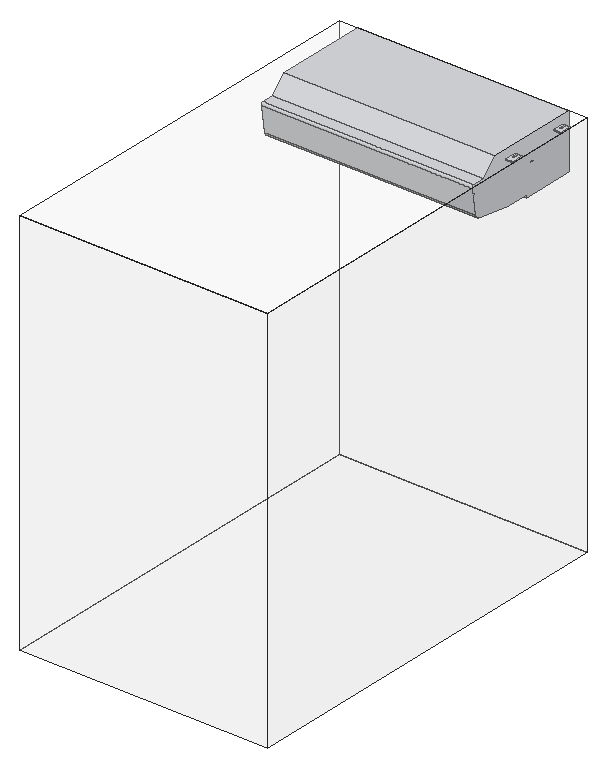
Revit family "pczg-p2_5mha14_60Hz", category 機械設備, Revit 2019
Family settings
  丸型コネクタ寸法 = 直径を使用
  パーツ タイプ = 標準
  OmniClass 番号 = 23.75.10.24.21.27.27
  OmniClass タイトル = Split System Air Conditioning Units
  作業面ベース = いいえ
  常に垂直 = はい
  ロード時にボイドで切り取り = いいえ
  共有 = いいえ
  部屋計算ポイント = はい
Parameters (values of type "厨房天吊_PCZG-P2MHA14")
  風量_強 (m3/min) = 17
  風量_弱 (m3/min) = 15
  風量 = MAX風量  # 1020.0 m³/h
  音響パワーレベル（弱）(dB) = 55
  音響パワーレベル(dB) = 57
  電源種別 = ""
  電源_H = 0 mm
  電圧_電気ヒーター = 0 V
  電圧 = 200 V
  電動機出力_送風機 = 0.04 kW
  運転質量 = 0.00 kg
  連動 = ""
  質量 = if(製品質量 > 運転質量, 製品質量, 運転質量) * 1.2  # 50.40 kg
  負荷分類 = 3_ファン類
  構成品番 = "PCZG-P2MHA14"
  冷媒液管位置 = 171 mm
  冷媒ガス管位置 = 195 mm
  ドレン管径 (外径) = 32 mm
  MIN風量 = [風量_弱 (m3/min)] * 60.0 m³/h  # 900.0 m³/h
  MAX風量 = [風量_強 (m3/min)] * 60.0 m³/h  # 1020.0 m³/h
  サービススペース = yes
  ケーブルサイズ = 0 mm
  Version = ""
  URL = "https://www.mitsubishielectric.co.jp/ldg/wink/ssl/displayProduct.do?pid=323635"
  Line = not(Width = 1136 mm)  # no
  説明 = "店舗・事務所用パッケージエアコン(Mr.SLIM) 厨房用(天吊形)"
  設計暖房能力 = 0.00 kW
  設計冷房能力_顕熱 = 0 kW
  設計冷房能力 = 0 kW
  設置方法 = "天井吊形"
  記号 = ""
  製造元 = "三菱電機株式会社"
  製品質量 = 42.00 kg
  製品出荷対象 = "国内"
  製品リリース年月 = "2022/10/11"
  製品グループ = ""
  系統 = ""
  符号 = "PAC_CRK"
  積算_科目 = "1 空気調和設備"
  積算_拾い区分 [instance] = ""
  相 = 1
  盤記号 = ""
  発停方法 = "付属スイッチ"
  特殊仕様 = ""
  火災停止 = ""
  消費電力_電気ヒーター = 0.00 kW
  消費電力_暖房 = 0.14 kW
  消費電力_加湿器 = 0.00 kW
  消費電力_冷房 = 0.14 kW
  消費電力 = if(消費電力_冷房 > 消費電力_暖房, 消費電力_冷房, 消費電力_暖房) + 消費電力_加湿器 + 消費電力_電気ヒーター  # 0.14 kW
  法定耐用年数 = "6"
  極数 = 1
  材質 = ""
  本体マテリアル = none
  有効加湿量 = 0
  暖房能力 = 5.60 kW
  推奨ブレーカー容量 = 0 A
  形式_加湿器 = ""
  形式 = "厨房用天井吊（露出）形"
  幹線記号 = ""
  始動方式 = "直入"
  呼称 = "室内機_厨房用天井吊（露出）形"
  周波数 = 60 Hz
  吊り位置Y = 320 mm
  吊り位置X = 1180 mm
  吊りボルト_H = 43 mm
  台数_手元リモコン = ""
  台数_冷媒分岐ユニット = ""
  参照している仕様書等のバージョン = "公共建築工事標準仕様書（機械設備工事編）平成31年度版"
  加湿給水管径 = 0.00 mm
  分類コード = "50053003123100"
  分類グループ = ""
  冷房能力 = 4.9 kW
  冷媒高低圧ガス管径 = 0.00 mm
  冷媒管径符号 = "Ac"
  冷媒管径 = 100.00 mm
  冷媒液管高さ = 165 mm
  冷媒液管径 = 6.35 mm
  冷媒ガス管高さ = 165 mm
  冷媒ガス管径 = 12.70 mm
  企業コード = "108420"
  付属品_フィルター = ""
  付属品 = ""
  仕様書バージョン = "Version1.0"
  Model = ""
  パネルマテリアル = none
  ドレン管高さ = 254 mm
  ドレン管径 = 25.00 mm
  コメント [instance] = ""
  ケーブル種類 = ""
  Width = 1136 mm
  Uniclass2015Version = "Systems v1.9"
  Uniclass2015Title = "Split coil remote air cooled condensing units"
  Uniclass2015Code = "Pr_70_65_03_84"
  SpecificationReference = ""
  SpecificationDescription = ""
  S_H = 295 mm
  Revision = ""
  ProductInformation = ""
  OmniClassCode = "23-33 17 13 11"
  IfcTypeProduct = ""
  IfcProduct = ""
  IfcExportType = "AIRCONDITIONINGUNIT"
  IfcExportAs = "IfcUnitaryEquipmentType"
  Height = 280 mm
  Depth = 650 mm
  価格 = 276000
  Clearance Top = 2 mm
  Clearance Right = 100 mm
  Clearance Left = 100 mm
  Clearance Front = 1500 mm
  Clearance Bottom = 1800 mm
  Clearance Back = 0 mm
  Author = "三菱電機株式会社"
Types (4, lengths in mm): name | 風量_強 (m3/min) | 風量_弱 (m3/min) | 風量 | 音響パワーレベル（弱）(dB) | 音響パワーレベル(dB) | 電動機出力_送風機 | 質量 | 構成品番 | 冷媒液管位置 | 冷媒ガス管位置 | MIN風量 | MAX風量 | URL | Line | 製品質量 | 消費電力_暖房 | 消費電力_冷房 | 消費電力 | 暖房能力 | 吊り位置X | 冷房能力 | 冷媒管径符号 | 冷媒液管径 | 冷媒ガス管径 | Width | 価格
  厨房天吊_PCZG-P2MHA14 | 17 | 15 | 1020.0 m³/h | 55 | 57 | 0.04 kW | 50.40 kg | "PCZG-P2MHA14" | 171 | 195 | 900.0 m³/h | 1020.0 m³/h | "https://www.mitsubishielectric.co.jp/ldg/wink/ssl/displayProduct.do?pid=323635" | no | 42.00 kg | 0.14 kW | 0.14 kW | 0.14 kW | 5.60 kW | 1180 | 4.9 kW | "Ac" | 6.35 | 12.70 | 1136 | 276000
  厨房天吊_PCZG-P3MHA14 | 38 | 30 | 2280.0 m³/h | 62 | 68 | 0.16 kW | 67.20 kg | "PCZG-P3MHA14" | 175 | 197 | 1800.0 m³/h | 2280.0 m³/h | "https://www.mitsubishielectric.co.jp/ldg/wink/ssl/displayProduct.do?pid=323521" | yes | 56.00 kg | 0.34 kW | 0.34 kW | 0.34 kW | 9.00 kW | 1564 | 8 kW | "Bd" | 9.52 | 15.88 | 1520 | 317000
  厨房天吊_PCZG-P4MHA14 | 38 | 30 | 2280.0 m³/h | 62 | 68 | 0.16 kW | 67.20 kg | "PCZG-P4MHA14" | 175 | 197 | 1800.0 m³/h | 2280.0 m³/h | "https://www.mitsubishielectric.co.jp/ldg/wink/ssl/displayProduct.do?pid=323492" | yes | 56.00 kg | 0.34 kW | 0.34 kW | 0.34 kW | 11.20 kW | 1564 | 10 kW | "Bd" | 9.52 | 15.88 | 1520 | 393000
  厨房天吊_PCZG-P5MHA14 | 38 | 30 | 2280.0 m³/h | 62 | 68 | 0.16 kW | 69.60 kg | "PCZG-P5MHA14" | 175 | 197 | 1800.0 m³/h | 2280.0 m³/h | "https://www.mitsubishielectric.co.jp/ldg/wink/ssl/displayProduct.do?pid=323493" | yes | 58.00 kg | 0.35 kW | 0.35 kW | 0.35 kW | 14.00 kW | 1564 | 11.1 kW | "Bd" | 9.52 | 15.88 | 1520 | 436000
Reference planes
  plane 1 "中心(正面/背面)": y = 0
  plane 2: z = 0
  plane 3 "中心(左/右)": x = 0
  plane 4: x = 523
  plane 5: z = 3835
  plane 6: x = 438
  plane 7: z = 3835
  plane 8: x = 463
  plane 9: z = 3746
  plane 10: x = 668
  plane 11: x = 568
  plane 12: x = -668
  plane 13: x = -568
  plane 14: y = -650
  plane 15: z = -280
  plane 16: y = -2150
  plane 17: x = -590
  plane 18: x = 590
  plane 19: z = -2095
  plane 20: z = -295
  plane 21: x = 558.3
  plane 22: y = -80
  plane 23: y = -400
  plane 24: y = -323
  plane 25: y = -195
  plane 26: y = -171
  plane 27: y = -70
  plane 28: z = -43
  plane 29: z = -165
  plane 30: z = -254
  plane 31: x = 523
  plane 32: x = 438
  plane 33: x = 463
  plane 34: x = 463
  plane 35: z = 3746
  plane 36: z = 2
  plane 37: z = -95
  plane 38: z = -165
Forms (mm)
  Extrusion 1, solid
    sketch origin (0, -325, -4000) x (0, 1, 0) y (0, 0, 1)
      loop
        line (325, 4000) -> (-171.734, 4000) -> (-246.938, 3924.796) -> (-313.202, 3924.796)
        arc (-313.202, 3924.796) -> (-322.395, 3920.509) -> (-325.02, 3910.712) r 12
        line (-325.02, 3910.712) -> (-299.97, 3768.648)
        arc (-299.97, 3768.648) -> (-294.972, 3759.046) -> (-285.369, 3754.047) r 18
        line (-285.369, 3754.047) -> (-92.277, 3720) -> (37.069, 3720) -> (37.069, 3705) -> (325, 3705) -> (325, 4000)
    from -568 to 568
  Extrusion 2, solid, detail levels fine
    sketch origin (0, 0, 0) x (0, 0, -1) y (-1, 0, 0)
      loop
        circle (165.005, -523) r 6.35
    from -325 to -197
  Extrusion 3, solid, detail levels fine
    sketch origin (0, 0, 0) x (0, 0, -1) y (-1, 0, 0)
      loop
        circle (165.005, -438) r 3.175
    from -175 to -325
  Extrusion 4, solid, detail levels fine
    sketch origin (0, 0, 0) x (0, 0, -1) y (-1, 0, 0)
      loop
        circle (254.005, -463) r 16
    from -70 to -325
  Extrusion 5, solid, detail levels fine
    sketch origin (0, 0, -4000) x (1, 0, 0) y (0, 1, 0)
      loop
        line (568, -370) -> (568, -430) -> (612, -430) -> (612, -370) -> (595, -370) -> (595, -400)
        arc (595, -400) -> (590, -405) -> (585, -400) r 5
        line (585, -400) -> (585, -370) -> (568, -370)
    from 3954.5 to 3959.5
  Extrusion 6, solid, detail levels fine
    sketch origin (0, 320, -4000) x (1, 0, 0) y (0, 1, 0)
      loop
        line (568, -370) -> (568, -430) -> (612, -430) -> (612, -370) -> (595, -370) -> (595, -400)
        arc (595, -400) -> (590, -405) -> (585, -400) r 5
        line (585, -400) -> (585, -370) -> (568, -370)
    from 3954.5 to 3959.5
  Extrusion 7, solid, detail levels fine
    sketch origin (-1180, 0, -4000) x (1, 0, 0) y (0, 1, 0)
      loop
        line (568, -370) -> (568, -430) -> (612, -430) -> (612, -370) -> (595, -370) -> (595, -400)
        arc (595, -400) -> (590, -405) -> (585, -400) r 5
        line (585, -400) -> (585, -370) -> (568, -370)
    from 3954.5 to 3959.5
  Extrusion 8, solid, detail levels fine
    sketch origin (-1180, 320, -4000) x (1, 0, 0) y (0, 1, 0)
      loop
        line (568, -370) -> (568, -430) -> (612, -430) -> (612, -370) -> (595, -370) -> (595, -400)
        arc (595, -400) -> (590, -405) -> (585, -400) r 5
        line (585, -400) -> (585, -370) -> (568, -370)
    from 3954.5 to 3959.5
  Extrusion 9, solid, detail levels fine
    sketch origin (-3.482, 0, 0) x (1, 0, 0) y (0, 0, 1)
      loop
        circle (483.982, -165) r 50
    from 0 to 5
  Extrusion 10, solid, detail levels fine
    sketch origin (0, 160, 0) x (0, 0, -1) y (-1, 0, 0)
      loop
        circle (254.005, -463) r 16
    from -160 to -165
Lines and regions (mm)
  model lines, detail levels fine
    curve 1: line (-493, -647.647, -102.744) -> (-493, -628.546, -211.073)
    curve 2: line (493, -647.647, -102.744) -> (493, -628.546, -211.073)
    curve 3: line (-493, -647.647, -102.744) -> (493, -647.647, -102.744)
    curve 4: line (493, -628.546, -211.073) -> (-493, -628.546, -211.073)
Dimensions and locks
  equal spacing: plane 13, plane 3 "中心(左/右)", plane 11
  "Width": plane 13 to plane 11
  "Clearance Right": plane 11 to plane 10
  "Clearance Left": plane 12 to plane 13
  "Depth": plane 14 to plane 1 "中心(正面/背面)"
  "Height": level to plane 15
  "Clearance Front": plane 16 to plane 14
  equal spacing: plane 17, plane 3 "中心(左/右)", plane 18
  "吊り位置X": plane 17 to plane 18
  "S_H": level to plane 20
  locked: plane 21 to plane 11 at 9.7
  locked: plane 22 to plane 1 "中心(正面/背面)" at 80
  "吊り位置Y": plane 22 to plane 23
  plane 27 to plane 1 "中心(正面/背面)" = 70 mm
  "冷媒液管位置": plane 26 to plane 1 "中心(正面/背面)"  (x2)
  "冷媒ガス管位置": plane 25 to plane 1 "中心(正面/背面)"  (x2)
  plane 24 to plane 25 = 128 mm
  plane 24 to plane 26 = 152 mm
  "Clearance Bottom": plane 20 to plane 19
  "吊りボルト_H": level to plane 28
  level to plane 29 = 165 mm
  level to plane 30 = 254 mm
  plane 31 to plane 11 = 45 mm
  plane 32 to plane 31 = 85 mm
  plane 33 to plane 11 = 105 mm
  "Clearance Back": plane 1 "中心(正面/背面)" to nested 1
  equal spacing: plane 32, Extrusion 9 sketch curve, plane 31
  "Clearance Top": plane 36 to plane 2
  "冷媒ガス管高さ": plane 2 to plane 29
  "冷媒液管高さ": Extrusion 1 to plane 38
  "冷媒液管径": diameter of Extrusion 3 sketch curve
  "冷媒ガス管径": diameter of Extrusion 2 sketch curve
  "ドレン管径 (外径)": diameter of Extrusion 4 sketch curve
  "ドレン管径 (外径)": diameter of Extrusion 10 sketch curve
  aligned and locked: level to plane 2
  aligned and locked: plane 11 to Extrusion 1
  aligned and locked: plane 13 to Extrusion 1
  aligned and locked: plane 12 to nested 1
  aligned and locked: nested 1 to plane 10
  aligned and locked: plane 17 to nested 2
  aligned and locked: nested 2 to plane 18
  aligned and locked: plane 20 to Extrusion 1
  aligned and locked: plane 19 to nested 1
  aligned and locked: plane 21 to nested 3
  aligned and locked: nested 1 to plane 16
  aligned and locked: plane 22 to nested 2
  aligned and locked: plane 23 to nested 2
  aligned and locked: plane 1 "中心(正面/背面)" to nested 1
  aligned and locked: plane 36 to nested 1
Automatic sketch dimensions
  Extrusion 1 sketch curve to level = 0 mm
  Extrusion 1 sketch curve to plane 15 = 0 mm
  Extrusion 1 sketch curve to plane 20 = 0 mm
  Extrusion 1 sketch curve to plane 1 "中心(正面/背面)" = 0 mm
  plane 24 to Extrusion 1 sketch curve = 35.069 mm
  Extrusion 1 sketch curve to plane 23 = 17.277 mm
  Extrusion 1 sketch curve to plane 23 = 96.734 mm
  Extrusion 1 sketch curve to plane 28 = 32.204 mm
  plane 14 to Extrusion 1 sketch curve = 78.062 mm
  plane 14 to Extrusion 1 sketch curve = 42.756 mm
  plane 30 to Extrusion 1 sketch curve = 8.047 mm
  Extrusion 1 sketch curve to Extrusion 1 sketch curve = 3.126 mm
  Extrusion 1 sketch curve to Extrusion 1 sketch curve = 17.727 mm
  plane 14 to Extrusion 1 sketch curve = 11.798 mm
  Extrusion 1 sketch curve to plane 14 = 0.02 mm
  Extrusion 1 sketch curve to Extrusion 1 sketch curve = 14.601 mm
  Extrusion 1 sketch curve to Extrusion 1 sketch curve = 14.084 mm
  Extrusion 1 to curve 3 = 13.664 mm
  curve 2 to Extrusion 1 = 20.591 mm
  Extrusion 1 to curve 1 = 75 mm
  Extrusion 1 to curve 3 = 75 mm
  Extrusion 5 sketch curve to plane 11 = 0 mm
  Extrusion 5 sketch curve to plane 23 = 0 mm
  Extrusion 5 sketch curve to plane 18 = 0 mm
  Extrusion 5 sketch curve to Extrusion 5 sketch curve = 5 mm
  Extrusion 5 sketch curve to plane 18 = 22 mm
  Extrusion 5 sketch curve to plane 23 = 30 mm
  plane 23 to Extrusion 5 sketch curve = 30 mm
  Extrusion 5 sketch curve to Extrusion 5 sketch curve = 0 mm
  Extrusion 6 sketch curve to plane 11 = 0 mm
  Extrusion 6 sketch curve to plane 22 = 0 mm
  Extrusion 6 sketch curve to plane 18 = 0 mm
  Extrusion 6 sketch curve to Extrusion 6 sketch curve = 5 mm
  Extrusion 6 sketch curve to plane 18 = 22 mm
  Extrusion 6 sketch curve to plane 22 = 30 mm
  plane 27 to Extrusion 6 sketch curve = 20 mm
  Extrusion 6 sketch curve to Extrusion 6 sketch curve = 0 mm
  Extrusion 7 sketch curve to plane 23 = 0 mm
  Extrusion 7 sketch curve to plane 17 = 0 mm
  Extrusion 7 sketch curve to plane 13 = 0 mm
  Extrusion 7 sketch curve to plane 17 = 5 mm
  Extrusion 7 sketch curve to plane 17 = 22 mm
  Extrusion 7 sketch curve to plane 23 = 30 mm
  plane 23 to Extrusion 7 sketch curve = 30 mm
  Extrusion 7 sketch curve to Extrusion 7 sketch curve = 0 mm
  Extrusion 8 sketch curve to plane 22 = 0 mm
  Extrusion 8 sketch curve to plane 17 = 0 mm
  Extrusion 8 sketch curve to plane 13 = 0 mm
  Extrusion 8 sketch curve to plane 17 = 5 mm
  Extrusion 8 sketch curve to plane 17 = 22 mm
  Extrusion 8 sketch curve to plane 22 = 30 mm
  plane 27 to Extrusion 8 sketch curve = 20 mm
  Extrusion 8 sketch curve to Extrusion 8 sketch curve = 0 mm
  Extrusion 9 sketch curve to plane 29 = 0 mm
  Extrusion 1 to Extrusion 2 sketch curve = 45 mm
  Extrusion 2 sketch curve to Extrusion 1 = 129.995 mm
  Extrusion 3 sketch curve to Extrusion 1 = 129.995 mm
  Extrusion 1 to Extrusion 3 sketch curve = 130 mm
  Extrusion 4 sketch curve to Extrusion 1 = 40.995 mm
  Extrusion 1 to Extrusion 4 sketch curve = 105 mm
  plane 33 to Extrusion 10 sketch curve = 0 mm
  Extrusion 10 sketch curve to plane 30 = 0.005 mm
  radius of Extrusion 9 sketch curve = 50 mm
Nested families
  nested 1: "サービススペース" at (0, -1075, -1046.5), visible <- "サービススペース", type "サービススペース"
    with Width 1336 mm, Height 2097 mm, Depth 2150 mm
  nested 2: "固定点" at (-590, -400, 0), type "固定点"
    with W 1180 mm, D 320 mm
  nested 3: "吸込口" at (-192, 0, -4000), Width <- "Width", type "吸込口"
    with Width 1136 mm, Line-2 yes, Line no
Connectors
  piping at (480.5, 0, -165), diameter 100, driven by "冷媒管径", driven by "冷媒管径符号"
    settings: on Extrusion 9, index 1, connector inside diameter 609.60 mm, connector length 0 mm, flow factor 0, pipe flow 0.0 L/s, pressure drop 0.0 Pa, fitting loss kfactor 0, connector angle 0.00°, fixture units 0, engagement length 0 mm, angle of deflection 0.00°, flow configuration 1, flow direction 1, fitting loss method 4, system type 7, joint type 0, gender type 0, connector reference index -1, connector utility 0, adjustable connector no, is connector primary yes, connector description "Ac"
  piping at (463, 0, -254.005), diameter 32, driven by "ドレン管径 (外径)"
    settings: on Extrusion 10, index 2, connector inside diameter 609.60 mm, connector length 0 mm, flow factor 0, pipe flow 0.0 L/s, pressure drop 0.0 Pa, fitting loss kfactor 0, connector angle 0.00°, fixture units 0, engagement length 0 mm, angle of deflection 0.00°, flow configuration 1, flow direction 2, fitting loss method 4, system type 16, joint type 0, gender type 0, connector reference index -1, connector utility 0, adjustable connector no, is connector primary no, connector description ""
  electrical at (568, -416.852, -169.727), driven by "極数", driven by "負荷分類", driven by "電圧", driven by "消費電力"
    settings: on Extrusion 1, index 3, voltage 200 V, apparent load 140 VA, apparent load phase1 0 VA, apparent load phase2 0 VA, apparent load phase3 0 VA, power factor 1, load classification "3_ファン類", number of poles 1, system type 30, power factor state 1, is connector primary yes, connector utility no, sub classification motor no, connector description ""
Definition of nested family "サービススペース"
  Parameters (values of type "サービススペース")
    Width [instance] = 500 mm
    Height [instance] = 500 mm
    Depth [instance] = 500 mm
  Reference planes
    plane 1 "中心(正面/背面)": y = 0
    plane 2: z = 0
    plane 3 "中心(左/右)": x = 0
    plane 4: y = -250
    plane 5: x = 250
    plane 6: y = 250
    plane 7: x = -250
    plane 8: z = 250
    plane 9: z = -250
  Forms (mm)
    Extrusion 1, solid
      sketch origin (-638.939, 0, 72.39) x (1, 0, 0) y (0, 1, 0)
        loop
          line (388.939, 250) -> (388.939, -250) -> (888.939, -250) -> (888.939, 250) -> (388.939, 250)
      from -322.39 to 177.61
  Lines and regions (mm)
    symbolic lines
      curve 1: line (-250, 0, 250) -> (250, 0, 250)
      curve 2: line (-250, 0, -250) -> (-250, 0, 250)
      curve 3: line (250, 0, -250) -> (-250, 0, -250)
      curve 4: line (250, 0, 250) -> (250, 0, -250)
      curve 5: line (0, -250, 250) -> (0, 250, 250)
      curve 6: line (0, -250, -250) -> (0, -250, 250)
      curve 7: line (0, 250, -250) -> (0, -250, -250)
      curve 8: line (0, 250, 250) -> (0, 250, -250)
      curve 9: line (-250, 250, 0) -> (250, 250, 0)
      curve 10: line (-250, -250, 0) -> (-250, 250, 0)
      curve 11: line (250, -250, 0) -> (-250, -250, 0)
      curve 12: line (250, 250, 0) -> (250, -250, 0)
  Dimensions and locks
    equal spacing: plane 7, plane 3 "中心(左/右)", plane 5
    equal spacing: plane 4, plane 1 "中心(正面/背面)", plane 6
    "Depth": plane 4 to plane 6
    "Width": plane 7 to plane 5
    equal spacing: plane 8, plane 2, plane 9
    "Height": plane 8 to plane 9
    aligned and locked: plane 9 to curve 3
    aligned and locked: plane 7 to curve 2
    aligned and locked: curve 4 to plane 5
    aligned and locked: plane 5 to Extrusion 1
    aligned and locked: Extrusion 1 to plane 7
    aligned and locked: Extrusion 1 to plane 9
    aligned and locked: plane 8 to Extrusion 1
    aligned and locked: plane 9 to curve 7
  Automatic sketch dimensions
    plane 4 to Extrusion 1 sketch curve = 0 mm
    Extrusion 1 sketch curve to plane 7 = 0 mm
    Extrusion 1 sketch curve to plane 5 = 0 mm
    plane 6 to Extrusion 1 sketch curve = 0 mm
    curve 2 to plane 8 = 0 mm
    plane 4 to curve 11 = 0 mm
    curve 11 to plane 7 = 0 mm
    curve 11 to plane 5 = 0 mm
    plane 6 to curve 10 = 0 mm
    curve 7 to plane 4 = 0 mm
    curve 7 to plane 6 = 0 mm
    curve 6 to plane 8 = 0 mm
Definition of nested family "吸込口"
  Parameters (values of type "吸込口")
    Width [instance] = 1136 mm
    Line-2 [instance] = not(Width = 1520 mm)  # yes
    Line [instance] = not(Width = 1136 mm)  # no
  Reference planes
    plane 1 "Center (Front/Back)": y = 0
    plane 2: z = 0
    plane 3 "Center (Left/Right)": x = 0
    plane 4: x = 384
    plane 5: x = -384
    plane 6: x = 750.3
    plane 7: x = -192
    plane 8: x = 192
    plane 9: y = -243
    plane 10: z = 3688
  Forms (mm)
    Extrusion 1, solid, visible <- "Line"
      sketch origin (0, -200, 0) x (1, 0, 0) y (0, 1, 0)
        loop
          circle (384, -43) r 10
        loop
          circle (-384, -43) r 10
      from 3688 to 3705
    Extrusion 2, solid, visible <- "Line-2"
      sketch origin (0, -213.278, 0) x (1, 0, 0) y (0, 1, 0)
        loop
          circle (0, -29.722) r 10
        loop
          circle (384, -29.722) r 10
      from 3688 to 3705
  Lines and regions (mm)
    model lines, visible <- "Line", detail levels fine
      curve 1: line (-376.3, -289.931, 3705) -> (-376.3, 0, 3705)
      curve 12: line (-391.3, 0, 3705) -> (-391.3, -289.931, 3705)
      curve 13: line (-750.3, -274.931, 3705) -> (-750.3, -15, 3705)
      curve 14: line (-401.3, -15, 3705) -> (-401.3, -274.931, 3705)
      curve 15: line (-750.3, -15, 3705) -> (-401.3, -15, 3705)
      curve 16: line (-401.3, -274.931, 3705) -> (-750.3, -274.931, 3705)
      curve 17: line (-750.3, -54.429, 3705) -> (-595.903, -274.931, 3705)
      curve 18: line (-401.3, -55, 3705) -> (-555.297, -274.931, 3705)
      curve 19: line (-750.3, -235.571, 3705) -> (-595.854, -15, 3705)
      curve 20: line (-401.3, -235, 3705) -> (-555.346, -15, 3705)
      curve 21: line (-750.3, -274.931, 3705) -> (-750.3, -15, 3705)
      curve 40: line (750.3, -274.931, 3705) -> (750.3, -15, 3705)
    model lines, detail levels fine
      curve 2: line (-7.7, 0, 3705) -> (-7.7, -289.931, 3705)
      curve 3: line (-366.3, -274.931, 3705) -> (-366.3, -15, 3705)
      curve 4: line (-17.7, -15, 3705) -> (-17.7, -274.931, 3705)
      curve 5: line (-366.3, -15, 3705) -> (-17.7, -15, 3705)
      curve 6: line (-17.7, -274.931, 3705) -> (-366.3, -274.931, 3705)
      curve 7: line (-366.3, -55, 3705) -> (-212.303, -274.931, 3705)
      curve 8: line (-17.7, -55, 3705) -> (-171.697, -274.931, 3705)
      curve 9: line (-366.3, -235, 3705) -> (-212.254, -15, 3705)
      curve 10: line (-17.7, -235, 3705) -> (-171.746, -15, 3705)
      curve 11: line (7.3, -289.931, 3705) -> (7.3, 0, 3705)
      curve 22: line (376.3, -289.931, 3705) -> (376.3, 0, 3705)
      curve 23: line (366.3, -274.931, 3705) -> (366.3, -15, 3705)
      curve 24: line (17.7, -15, 3705) -> (17.7, -274.931, 3705)
      curve 25: line (366.3, -15, 3705) -> (17.7, -15, 3705)
      curve 26: line (17.7, -274.931, 3705) -> (366.3, -274.931, 3705)
      curve 27: line (366.3, -55, 3705) -> (212.303, -274.931, 3705)
      curve 28: line (17.7, -55, 3705) -> (171.697, -274.931, 3705)
      curve 29: line (366.3, -235, 3705) -> (212.254, -15, 3705)
      curve 30: line (17.7, -235, 3705) -> (171.746, -15, 3705)
      curve 31: line (391.3, 0, 3705) -> (391.3, -289.931, 3705)
      curve 32: line (750.3, -274.931, 3705) -> (750.3, -15, 3705)
      curve 33: line (401.3, -15, 3705) -> (401.3, -274.931, 3705)
      curve 34: line (750.3, -15, 3705) -> (401.3, -15, 3705)
      curve 35: line (401.3, -274.931, 3705) -> (750.3, -274.931, 3705)
      curve 36: line (750.3, -54.429, 3705) -> (595.903, -274.931, 3705)
      curve 37: line (401.3, -55, 3705) -> (555.297, -274.931, 3705)
      curve 38: line (750.3, -235.571, 3705) -> (595.854, -15, 3705)
      curve 39: line (401.3, -235, 3705) -> (555.346, -15, 3705)
  Dimensions and locks
    equal spacing: plane 5, plane 3 "Center (Left/Right)", plane 4
    plane 5 to plane 4 = 768 mm
    equal spacing: plane 7, plane 3 "Center (Left/Right)", plane 8
    plane 7 to plane 8 = 384 mm
    aligned and locked: level to plane 2
  Automatic sketch dimensions
    curve 40 to plane 6 = 0 mm
    plane 1 "Center (Front/Back)" to curve 31 = 0 mm
    plane 1 "Center (Front/Back)" to curve 22 = 0 mm
    plane 1 "Center (Front/Back)" to curve 11 = 0 mm
    plane 1 "Center (Front/Back)" to curve 2 = 0 mm
    plane 1 "Center (Front/Back)" to curve 1 = 0 mm
    plane 1 "Center (Front/Back)" to curve 12 = 0 mm
    plane 4 to curve 35 = 17.3 mm
    curve 23 to plane 4 = 17.7 mm
    plane 3 "Center (Left/Right)" to curve 24 = 17.7 mm
    curve 5 to plane 3 "Center (Left/Right)" = 17.7 mm
    plane 5 to curve 3 = 17.7 mm
    curve 14 to plane 5 = 17.3 mm
    plane 1 "Center (Front/Back)" to curve 15 = 15 mm
    curve 14 to curve 15 = 349 mm
    plane 1 "Center (Front/Back)" to curve 4 = 15 mm
    plane 1 "Center (Front/Back)" to curve 34 = 15 mm
    plane 1 "Center (Front/Back)" to curve 23 = 15 mm
    curve 14 to curve 14 = 259.931 mm
    curve 24 to curve 26 = 259.931 mm
    curve 32 to curve 32 = 259.931 mm
    curve 14 to curve 6 = 0 mm
    plane 6 to curve 36 = 154.397 mm
    plane 6 to curve 38 = 154.446 mm
    curve 38 to curve 39 = 40.509 mm
    curve 36 to curve 37 = 40.606 mm
    plane 4 to curve 31 = 7.3 mm
    curve 22 to plane 4 = 7.7 mm
    curve 23 to curve 27 = 153.997 mm
    curve 23 to curve 29 = 154.046 mm
    curve 29 to curve 30 = 40.509 mm
    curve 27 to curve 28 = 40.606 mm
    plane 3 "Center (Left/Right)" to curve 11 = 7.3 mm
    curve 2 to plane 3 "Center (Left/Right)" = 7.7 mm
    curve 4 to curve 8 = 153.997 mm
    curve 4 to curve 10 = 154.046 mm
    curve 10 to curve 9 = 40.509 mm
    curve 8 to curve 7 = 40.606 mm
    plane 5 to curve 1 = 7.7 mm
    curve 12 to plane 5 = 7.3 mm
    curve 14 to curve 18 = 153.997 mm
    curve 14 to curve 20 = 154.046 mm
    curve 20 to curve 19 = 40.509 mm
    curve 18 to curve 17 = 40.606 mm
    curve 32 to curve 36 = 39.429 mm
    curve 13 to curve 17 = 39.429 mm
    curve 4 to curve 8 = 40 mm
    curve 33 to curve 37 = 40 mm
    curve 3 to curve 7 = 40 mm
    curve 18 to curve 7 = 0 mm
    curve 8 to curve 28 = 0 mm
    curve 27 to curve 37 = 0 mm
    curve 20 to curve 14 = 39.931 mm
    curve 39 to curve 33 = 39.931 mm
    curve 30 to curve 24 = 39.931 mm
    curve 20 to curve 9 = 0 mm
    curve 10 to curve 30 = 0 mm
    curve 29 to curve 39 = 0 mm
    curve 19 to curve 13 = 39.359 mm
    curve 38 to curve 32 = 39.359 mm
    curve 23 to curve 22 = 15 mm
    curve 14 to curve 12 = 15 mm
    curve 24 to curve 11 = 15 mm
    curve 2 to curve 11 = 0 mm
    curve 12 to curve 1 = 0 mm
    curve 22 to curve 31 = 0 mm
    Extrusion 1 sketch curve to plane 5 = 0 mm
    Extrusion 1 sketch curve to plane 4 = 0 mm
    plane 1 "Center (Front/Back)" to Extrusion 1 sketch curve = 243 mm  (x2)
    plane 7 to Extrusion 2 sketch curve = 192 mm
    plane 8 to Extrusion 2 sketch curve = 192 mm
    plane 1 "Center (Front/Back)" to Extrusion 2 sketch curve = 243 mm  (x2)
    radius of Extrusion 1 sketch curve = 10 mm  (x2)
    radius of Extrusion 2 sketch curve = 10 mm  (x2)
Definition of nested family "固定点"
  Parameters (values of type "固定点")
    中心円 = 20 mm
    W [instance] = 1000 mm
    D [instance] = 1000 mm
  Reference planes
    plane 1 "中心(正面/背面)": y = 0
    plane 2: z = 0
    plane 3 "中心(左/右)": x = 0
    plane 4: x = 1000
    plane 5: y = 1000
  Lines and regions (mm)
    symbolic lines, detail levels fine
      curve 1: circle (0, 1000, 0) r 10 normal (0, 0, 1)
      curve 2: circle (0, 0, 0) r 10 normal (0, 0, 1)
      curve 3: circle (1000, 1000, 0) r 10 normal (0, 0, 1)
      curve 4: circle (1000, 0, 0) r 10 normal (0, 0, 1)
      curve 5: line (-200, 1000, 0) -> (1200, 1000, 0)
      curve 6: line (-200, 0, 0) -> (1200, 0, 0)
      curve 7: line (0, 1200, 0) -> (0, -200, 0)
      curve 8: line (1000, 1200, 0) -> (1000, -200, 0)
  Dimensions and locks
    "W": plane 3 "中心(左/右)" to plane 4
    "D": plane 1 "中心(正面/背面)" to plane 5
    "中心円": diameter of curve 1
    "中心円": diameter of curve 2
    "中心円": diameter of curve 3
    "中心円": diameter of curve 4
    aligned and locked: level to plane 2
    aligned and locked: plane 5 to curve 1
    aligned and locked: plane 3 "中心(左/右)" to curve 1
    aligned and locked: plane 3 "中心(左/右)" to curve 2
    aligned and locked: plane 1 "中心(正面/背面)" to curve 2
    aligned and locked: plane 4 to curve 3
    aligned and locked: plane 5 to curve 3
    aligned and locked: plane 1 "中心(正面/背面)" to curve 4
    aligned and locked: plane 4 to curve 4
    aligned and locked: plane 1 "中心(正面/背面)" to curve 6
    aligned and locked: curve 7 to plane 3 "中心(左/右)"
    aligned and locked: curve 8 to plane 4
  Automatic sketch dimensions
    curve 5 to plane 5 = 0 mm
    curve 6 to plane 3 "中心(左/右)" = 200 mm
    curve 5 to plane 3 "中心(左/右)" = 200 mm
    curve 4 to curve 6 = 200 mm
    curve 3 to curve 5 = 200 mm
    plane 1 "中心(正面/背面)" to curve 8 = 200 mm
    plane 1 "中心(正面/背面)" to curve 7 = 200 mm
    curve 3 to curve 8 = 200 mm
    curve 1 to curve 7 = 200 mm
